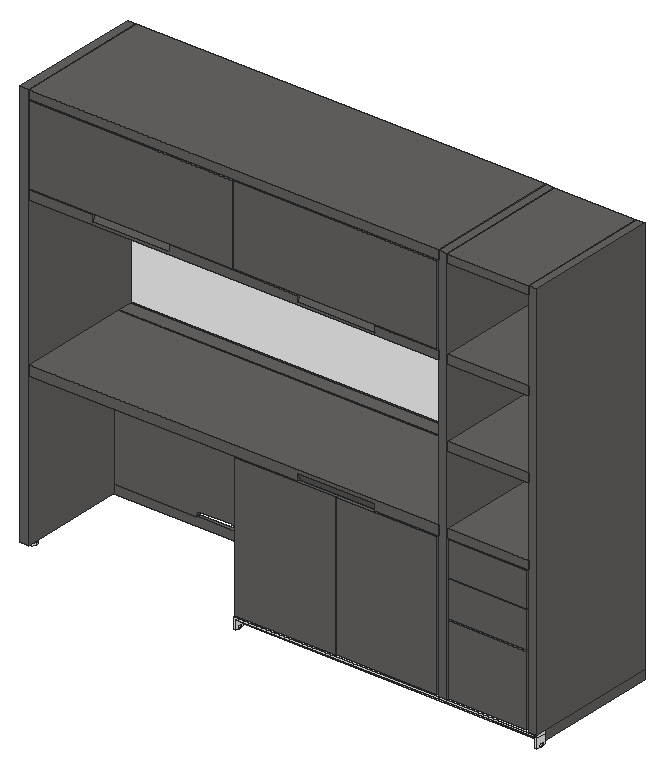
Revit family "Storage-Wall-Teknion-ZXRR_74_High_With_Lights-R2011", category Furniture Systems, Revit 2013
Parameters (values of type "(See Type Catalog)")
  Working Wall Finish [instance] = Glass - Teknion - K6 - White Backpainted
  Width = 92.642"
  Warranty = "http://www.teknionstudio.com/pdfs/Teknion%20Studio%20Warranty.pdf"
  Wall Unit Finish [instance] = Veneer - Teknion - P7 - Grey Oak
  Voltage = 120 V
  Unit Weight = 685.00 lbf
  URL = "www.teknionstudio.com"
  Tabletop Cutout Offset = if(Has Double Doors, 0", 4")  # 0"
  Storage Tower = Storage-Unit-Teknion-Tower : Upper Shelves & Box/Box/File Pedestal
  Series = "B&B Italia"
  Product Page URL = "http://www.teknionstudio.com/acexecutive/"
  Product Line = "AC Executive"
  Product Documentation Link = "http://www.teknionstudio.com/pricing/ac_executive_storage_walls_ppg.pdf"
  Power Factor = 1
  Part Number = "ZXRR"
  Number of Poles = 1
  Model = ""
  Manufacturer Phone = "919-464-2920"
  Manufacturer Fax = "919-464-2927"
  Manufacturer Email = "customersupport@teknionstudio.com"
  Manufacturer Address = "3940 US 70 Business HWY West, Clayton, NC 27520"
  Manufacturer = "Teknion Studio"  # constant formula
  Low Emitting Material = yes
  Low Emitting Finish = yes
  Height = 73.81394"
  Has File File Drawers = not(Has Double Doors)  # no
  Has Double Doors = yes
  Description = ""
  Depth = 24"
  Assembly Code = "E2020200"
  Apparent Load = 22.8 VA
Reference planes (in)
  plane 1 "Center F/B": y = 0
  plane 2: z = 0
  plane 3 "Center L/R": x = 0
  plane 4 "Left": x = -46.321
  plane 5 "Right": x = 46.321
  plane 6 "Back": y = 12
  plane 7 "Front": y = -12
  plane 8 "Top": z = 73.81394
  plane 9: x = 28.60446
  plane 10: z = 29.68402
  plane 11: z = 56.1289
  plane 12: x = -44.7815
  plane 13: z = 2.1289
  plane 14: x = -8.08858
  plane 15 "Foot Centerline": y = -11.2126
  plane 16 "Tabletop Cutout": y = -12
  plane 17 "Foot Centerline Front": y = -10.22835
  plane 18 "Foot Centerline Back": y = 10.22835
  plane 19: y = -8.484
Forms (in)
  Sweep 1, solid, material "Veneer - Teknion - P7 - Grey Oak" <- "Wall Unit Finish"
    path origin (0, 0, 15.40683) x (-1, 0, 0) y (0, -1, 0)
      loop
        line (0, -12) -> (0, 12)
    profile origin (0, 0, 15.40683) x (1, 0, 0) y (0, 0, 1)
      loop
        line (-46.321, -14.81732) -> (-44.7815, -14.81732) -> (-44.7815, 58.4071) -> (-46.321, 58.4071) -> (-46.321, -14.81732)
  Sweep 2, solid, material "Metal - Teknion - C6 - Chrome"
    path origin (0, 0, 0) x (1, 0, 0) y (0, 0, 1)
      loop
        line (28.60446, 2.1289) -> (-8.08858, 2.1289) -> (-8.08858, 0.05803)
    profile origin (10.25794, 0, 2.1289) x (0, 0, -1) y (0, -1, 0)
      loop
        line (0, 12) -> (0, 10.4252) -> (0.394, 10.4252) -> (0.394, 12) -> (0, 12)
  Sweep 3, solid, material "Metal - Teknion - C6 - Chrome"
    path origin (0, 0, 0) x (1, 0, 0) y (0, 0, 1)
      loop
        line (-8.08858, 2.1289) -> (28.60446, 2.1289)
    profile origin (10.25794, 0, 2.1289) x (0, 0, 1) y (0, -1, 0)
      loop
        line (-0.394, 10.6222) -> (-1.5748, 10.6222) -> (-1.5748, 10.4252) -> (-0.394, 10.4252) -> (-0.394, 10.6222)
  Revolve 4, solid, material "Metal - Teknion - C6 - Chrome"
    sketch origin (0, -11.2126, 0) x (0, 0, -1) y (1, 0, 0)
      loop
        line (-0.4911, -7.89158) -> (-0.4911, -8.22623) -> (-0.45173, -8.2656) -> (-0.28492, -8.2656) -> (-0.24555, -8.22623) -> (-0.20618, -8.2656) -> (-0.03937, -8.2656) -> (0, -8.22623) -> (0, -7.89158) -> (-0.4911, -7.89158)
      axis (0, -7.89158) -> (-0.4911, -7.89158)
    angle from 0 to 360
  Sweep 5, solid, material "Veneer - Teknion - P7 - Grey Oak" <- "Wall Unit Finish"
    path origin (0, 0, 0) x (1, 0, 0) y (0, 0, 1)
      loop
        line (-44.7815, 29.68402) -> (28.60446, 29.68402)
    profile origin (-8.08852, 0, 29.68402) x (0, 0, 1) y (0, -1, 0)
      loop
        line (0, 12) -> (-1.7638, 12) -> (-1.7638, -7.11393) -> (-5.30827, -7.11393) -> (-5.30827, -7.08268) -> (-27.55512, -7.08268) -> (-27.55512, -7.11393) -> (-29.0945, -7.11393) -> (-29.0945, -7.80668) -> (-5.30828, -7.80668) -> (-5.30828, -12) -> (44.12992, -12) -> (44.12992, 12) -> (42.59022, 12) -> (42.59022, 11.2126) -> (27.98392, 11.2126) -> (27.98392, 12) -> (26.44488, 12) -> (26.44488, -10.94094) -> (0, -10.94094) -> (0, -10.90969) -> (-0.72441, -10.90969) -> (-0.72441, -10.56693) -> (0, -10.56693) -> (0, -8.05709) -> (-0.72441, -8.05709) -> (-0.72441, -7.80709) -> (0, -7.80709) -> (0, 12)
  Sweep 6, solid, material "Veneer - Teknion - P7 - Grey Oak" <- "Wall Unit Finish"
    path origin (0, 0, 0) x (1, 0, 0) y (0, 0, 1)
      loop
        line (-8.08858, 29.68402) -> (28.60446, 29.68402)
    profile origin (10.25794, 0, 29.68402) x (0, 0, 1) y (0, -1, 0)
      loop
        line (-1.7638, 11.27559) -> (-27.55512, 11.27559) -> (-27.55512, 10.4252) -> (-29.0945, 10.4252) -> (-29.0945, -12) -> (-1.7638, -12) -> (-1.7638, 11.27559)
  Sweep 7, solid, material "Veneer - Teknion - P7 - Grey Oak" <- "Wall Unit Finish"
    path origin (0, 0, 15.40683) x (-1, 0, 0) y (0, -1, 0)
      loop
        line (0, 12) -> (0, 11.276)
    profile origin (0, -11.638, 15.40683) x (-1, 0, 0) y (0, 0, 1)
      loop
        line (44.5315, 42.5111) -> (44.5315, 56.6174) -> (8.21358, 56.6174) -> (8.21358, 42.5111) -> (44.5315, 42.5111)
      loop
        line (7.96358, 56.6174) -> (-28.35446, 56.6174) -> (-28.35446, 42.5111) -> (7.96358, 42.5111) -> (7.96358, 56.6174)
  Sweep 8, solid, material "Veneer - Teknion - P7 - Grey Oak" <- "Wall Unit Finish", visible <- "Has Double Doors"
    path origin (0, 0, 15.40683) x (-1, 0, 0) y (0, -1, 0)
      loop
        line (0, 12) -> (0, 11.276)
    profile origin (0, -11.638, 15.40683) x (-1, 0, 0) y (0, 0, 1)
      loop
        line (7.83845, 12.26339) -> (-10.15274, 12.26339) -> (-10.15274, -13.03482) -> (7.83845, -13.03482) -> (7.83845, 12.26339)
      loop
        line (-10.40274, 12.26339) -> (-28.35446, 12.26339) -> (-28.35446, -13.03482) -> (-10.40274, -13.03482) -> (-10.40274, 12.26339)
  Sweep 9, solid, material "Veneer - Teknion - P7 - Grey Oak" <- "Wall Unit Finish", visible <- "Has File File Drawers"
    path origin (0, 0, 15.40683) x (-1, 0, 0) y (0, -1, 0)
      loop
        line (0, 12) -> (0, 11.276)
    profile origin (0, -11.638, 15.40683) x (-1, 0, 0) y (0, 0, 1)
      loop
        line (7.83845, 12.26339) -> (-28.35446, 12.26339) -> (-28.35446, 0.01144) -> (7.83845, 0.01144) -> (7.83845, 12.26339)
      loop
        line (-28.35446, -0.77597) -> (-28.35446, -13.03482) -> (7.83845, -13.03482) -> (7.83845, -0.77597) -> (-28.35446, -0.77597)
  Sweep 10, void
    path origin (0, 0, 0) x (1, 0, 0) y (0, 0, 1)
      loop
        line (3.38793, 29.68402) -> (17.16746, 29.68402)
    profile origin (10.27769, 0, 29.68402) x (0, 0, 1) y (0, -1, 0)
      loop
        line (-1.7638, 12) -> (-1.7638, 11.52756) -> (-0.66143, 12) -> (-1.7638, 12)
  Sweep 11, void
    path origin (0, 0, 0) x (1, 0, 0) y (0, 0, 1)
      loop
        line (-33.3248, 56.1289) -> (-19.54528, 56.1289)
    profile origin (-26.43504, 0, 56.1289) x (0, 0, 1) y (0, -1, 0)
      loop
        line (1.53937, 12) -> (0.43699, 12) -> (1.53937, 11.52755) -> (1.53937, 12)
  Sweep 12, void
    path origin (0, 0, 0) x (1, 0, 0) y (0, 0, 1)
      loop
        line (3.36811, 56.1289) -> (17.14764, 56.1289)
    profile origin (10.25787, 0, 56.1289) x (0, 0, 1) y (0, -1, 0)
      loop
        line (1.53937, 11.52755) -> (1.53937, 12) -> (0.43699, 12) -> (1.53937, 11.52755)
  Sweep 13, void
    path origin (0, 0, 15.40683) x (-1, 0, 0) y (0, -1, 0)
      loop
        line (0, -7.80668) -> (0, -7.08268)
    profile origin (0, 7.44468, 15.40683) x (1, 0, 0) y (0, 0, 1)
      loop
        line (-23.00984, 8.96892) -> (-29.89961, 8.96892) -> (-29.89961, 8.10396)
        arc (-29.89961, 8.10396) -> (-29.66898, 7.54718) -> (-29.1122, 7.31655) r 0.7874
        line (-29.1122, 7.31655) -> (-23.79724, 7.31655)
        arc (-23.79724, 7.31655) -> (-23.24047, 7.54718) -> (-23.00984, 8.10396) r 0.7874
        line (-23.00984, 8.10396) -> (-23.00984, 8.96892)
      loop
        line (-29.89961, -13.27793) -> (-23.00984, -13.27793) -> (-23.00984, -13.12045)
        arc (-23.00984, -13.12045) -> (-23.22894, -12.59152) -> (-23.75787, -12.37242) r 0.74803
        line (-23.75787, -12.37242) -> (-29.15157, -12.37242)
        arc (-29.15157, -12.37242) -> (-29.68051, -12.59152) -> (-29.89961, -13.12045) r 0.74803
        line (-29.89961, -13.12045) -> (-29.89961, -13.27793)
  Revolve 14, solid, material "Metal - Teknion - C6 - Chrome"
    sketch origin (0, -10.22835, 0) x (0, 0, 1) y (1, 0, 0)
      loop
        line (0, -45.55118) -> (0, -46.28917) -> (0.23622, -46.28917) -> (0.23622, -45.83352) -> (0.58951, -45.83352) -> (0.58951, -45.55118) -> (0, -45.55118)
      axis (0, -45.55118) -> (0.58951, -45.55118)
    angle from 0 to 360
  Revolve 15, solid, material "Metal - Teknion - C6 - Chrome"
    sketch origin (0, 10.22835, 0) x (0, 0, 1) y (1, 0, 0)
      loop
        line (0, -45.55118) -> (0, -46.28917) -> (0.23622, -46.28917) -> (0.23622, -45.83352) -> (0.58951, -45.83352) -> (0.58951, -45.55118) -> (0, -45.55118)
      axis (0, -45.55118) -> (0.58951, -45.55118)
    angle from 0 to 360
Cuts and joins
  joined: Sweep 2, Sweep 3, Revolve 4
  Sweep 10, Sweep 11, Sweep 12, Sweep 13 cuts Sweep 5
  joined: Sweep 5, Sweep 6
Lines and regions (in)
  Masking region 1
    outline origin (0, 0, 15.40683) x (-1, 0, 0) y (0, -1, 0)
      loop
        line (46.321, -12) -> (46.321, 12) -> (-28.60446, 12) -> (-28.60446, -12) -> (46.321, -12)
  symbolic lines, style "Elevation Swing"
    curve 1: line (-44.7815, -12, 57.66827) -> (-26.43504, -12, 72.02424)
    curve 2: line (-8.08858, -12, 57.66832) -> (-26.43504, -12, 72.02424)
    curve 3: line (-8.08858, 0, 57.66832) -> (10.25794, 0, 72.19583)
    curve 4: line (10.25794, 0, 72.19583) -> (28.60446, 0, 57.66827)
  symbolic lines, detail levels medium+fine
    curve 5: line (-44.7815, 12, 15.40683) -> (-44.7815, -12, 15.40683)
  symbolic lines, style "FurnitureSystemsHiddenLines", detail levels fine
    curve 6: line (28.60446, -11.276, 15.40683) -> (-44.7815, -11.276, 15.40683)
    curve 7: line (-8.08858, 12, 15.40683) -> (-8.08858, -12, 15.40683)
  symbolic lines, style "Elevation Swing", visible <- "Has Double Doors"
    curve 8: line (10.15274, 0, 27.67022) -> (-7.83845, 0, 15.02111)
    curve 9: line (10.15274, 0, 2.37201) -> (-7.83845, 0, 15.02111)
    curve 10: line (10.40274, 0, 2.37201) -> (28.35446, 0, 15.02111)
    curve 11: line (28.35446, 0, 15.02111) -> (10.40274, 0, 27.67022)
  symbolic lines, visible <- "Has Double Doors"
    curve 12: arc (10.25794, -12, 15.40683) -> (15.63151, -24.97295, 15.40683) -> (28.60446, -30.34652, 15.40683) r 18.34652
    curve 13: arc (-8.08858, -30.34652, 15.40683) -> (4.88437, -24.97295, 15.40683) -> (10.25794, -12, 15.40683) r 18.34652
    curve 14: line (-8.08858, -12, 15.40683) -> (-8.08858, -30.34652, 15.40683)
    curve 15: line (28.60446, -12, 15.40683) -> (28.60446, -30.34652, 15.40683)
Dimensions and locks (in)
  equal spacing: plane 4 "Left", plane 3 "Center L/R", plane 5 "Right"
  "Width": plane 4 "Left" to plane 5 "Right"
  equal spacing: plane 6 "Back", plane 1 "Center F/B", plane 7 "Front"
  "Depth": plane 6 "Back" to plane 7 "Front"
  locked: plane 9 to plane 5 "Right" at 17.71654
  "Height": plane 8 "Top" to plane 2
  locked: plane 10 to plane 2 at 29.68402
  locked: plane 11 to plane 10 at 26.44488
  locked: plane 13 to plane 2 at 2.1289
  locked: Sweep 2 sketch curve to plane 2 at 0.05803
  locked: plane 13 to Sweep 3 sketch curve at 0.394
  locked: Sweep 3 sketch curve to Sweep 3 sketch curve at 1.1808
  plane 7 "Front" to Sweep 3 sketch curve to Sweep 3 sketch curve = 1.3778" locked, 0.197" locked
  locked: Revolve 4 sketch curve to plane 2 at 0.4911
  locked: plane 14 to Revolve 4 sketch curve at 0.17702  (x2)
  Revolve 4 sketch curve to Revolve 4 sketch curve to Revolve 4 sketch curve to Revolve 4 sketch curve to Revolve 4 sketch curve to plane 2 = 0.16681" locked, 0.03937" locked, 0.03937" locked, 0.16681" locked, 0.03937" locked
  locked: Revolve 4 sketch curve to plane 14 at 0.197
  locked: plane 7 "Front" to plane 15 "Foot Centerline" at 0.7874
  locked: plane 13 to Sweep 5 sketch curve at 1.53939
  locked: plane 10 to Sweep 5 sketch curve at 1.7638
  locked: Sweep 1 sketch curve to plane 2 at 0.58951
  Sweep 6 sketch curve to Sweep 6 sketch curve to plane 6 "Back" = 23.27559", 0"
  locked: plane 10 to Sweep 6 sketch curve at 1.7638
  locked: plane 7 "Front" to Sweep 6 sketch curve at 1.5748
  locked: plane 14 to plane 3 "Center L/R" at 8.08858
  locked: plane 7 "Front" to Sweep 7 sketch curve at 0.724
  plane 8 "Top" to Sweep 7 sketch curve to Sweep 7 sketch curve = 1.7897", 14.1063"  (x2)
  Sweep 7 sketch curve to plane 3 "Center L/R" to Sweep 7 sketch curve to Sweep 7 sketch curve to Sweep 7 sketch curve = 28.35446", 7.96358", 1/4", 36.31791"
  locked: plane 7 "Front" to Sweep 8 sketch curve at 0.724
  locked: plane 10 to Sweep 8 sketch curve at 2.0138  (x2)
  locked: Sweep 8 sketch curve to Sweep 8 sketch curve at 25.29821  (x2)
  Sweep 8 sketch curve to Sweep 8 sketch curve to Sweep 8 sketch curve to Sweep 8 sketch curve to plane 12 = 17.95173" locked, 1/4" locked, 17.99118" locked, 36.94305" locked
  locked: plane 7 "Front" to Sweep 9 sketch curve at 0.724
  plane 10 to Sweep 9 sketch curve to Sweep 9 sketch curve to Sweep 9 sketch curve to Sweep 9 sketch curve = 2.0138" locked, 12.25195" locked, 0.7874" locked, 12.25886" locked
  Sweep 9 sketch curve to Sweep 9 sketch curve to plane 14 = 36.19291" locked, 0.25013" locked  (x2)
  Sweep 10 sketch curve to Sweep 10 sketch curve to plane 14 = 13.77953" locked, 11.47651" locked
  locked: plane 10 to Sweep 10 sketch curve at 1.7638
  locked: plane 16 "Tabletop Cutout" to Sweep 10 sketch curve at 0.47244
  "Tabletop Cutout Offset": plane 16 "Tabletop Cutout" to plane 7 "Front"
  Sweep 11 sketch curve to Sweep 11 sketch curve to plane 4 "Left" = 13.77953" locked, 12.9962" locked
  locked: Sweep 11 sketch curve to plane 11 at 1.53937
  locked: Sweep 11 sketch curve to plane 11 at 0.43699
  locked: plane 7 "Front" to Sweep 11 sketch curve at 0.47245
  Sweep 12 sketch curve to Sweep 12 sketch curve to plane 11 = 1.10238" locked, 0.43699" locked
  locked: plane 7 "Front" to Sweep 12 sketch curve at 0.47245
  locked: Sweep 13 sketch curve to plane 13 at 0.90551
  plane 14 to Sweep 13 sketch curve to Sweep 13 sketch curve = 14.92126" locked, 6.88976" locked  (x2)
  plane 10 to Sweep 13 sketch curve to Sweep 13 sketch curve = 5.30827" locked, 1 167/256" locked
  plane 6 "Back" to Sweep 13 sketch curve to Sweep 13 sketch curve = 4.19332" locked, 0.724" locked
  locked: Revolve 14 sketch curve to plane 4 "Left" at 0.76982
  Revolve 14 sketch curve to Revolve 14 sketch curve to plane 2 = 0.35329" locked, 0.23622" locked
  locked: Revolve 14 sketch curve to plane 4 "Left" at 0.03183
  locked: Revolve 15 sketch curve to plane 4 "Left" at 0.76982
  Revolve 15 sketch curve to Revolve 15 sketch curve to plane 2 = 0.35329" locked, 0.23622" locked
  locked: Revolve 15 sketch curve to plane 4 "Left" at 0.03183
  equal spacing: plane 14, curve 2, plane 12
  equal spacing: plane 9, curve 4, plane 14
  locked: plane 7 "Front" to curve 6 at 0.724
  locked: plane 6 "Back" to plane 18 "Foot Centerline Back" at 1.77165
  locked: plane 7 "Front" to plane 17 "Foot Centerline Front" at 1.77165
  locked: plane 4 "Left" to plane 12 at 1.5395
  plane 12 to plane 14 = 36.69291"
  locked: plane 7 "Front" to plane 19 at 3.516
  locked: plane 13 to Sweep 2 sketch curve at 0.394
  locked: plane 7 "Front" to Sweep 2 sketch curve at 1.5748
  aligned and locked: level to plane 2
  aligned and locked: nested 1 to plane 5 "Right"
  aligned and locked: plane 6 "Back" to Sweep 1 sketch curve
  aligned and locked: plane 7 "Front" to Sweep 1 sketch curve
  aligned and locked: Sweep 1 sketch curve to plane 3 "Center L/R"
  aligned and locked: Sweep 1 sketch curve to plane 8 "Top"
  aligned and locked: plane 4 "Left" to Sweep 1 sketch curve  (x2)
  aligned and locked: Sweep 2 sketch curve to plane 13  (x2)
  aligned and locked: Sweep 3 sketch curve to plane 13
  aligned and locked: plane 2 to Revolve 4 sketch curve
  aligned and locked: Revolve 4 sketch curve to plane 2
  aligned and locked: plane 12 to Sweep 5 sketch curve
  aligned and locked: plane 9 to Sweep 5 sketch curve
  aligned and locked: Sweep 5 sketch curve to plane 10  (x4)
  aligned and locked: Sweep 5 sketch curve to plane 7 "Front"
  aligned and locked: plane 6 "Back" to Sweep 5 sketch curve
  aligned and locked: Sweep 6 sketch curve to plane 10
  aligned and locked: plane 13 to Sweep 6 sketch curve
  aligned and locked: plane 3 "Center L/R" to Sweep 7 sketch curve
  aligned and locked: plane 7 "Front" to Sweep 7 sketch curve
  aligned and locked: Sweep 5 sketch curve to plane 11
  aligned and locked: plane 3 "Center L/R" to Sweep 8 sketch curve
  aligned and locked: plane 7 "Front" to Sweep 8 sketch curve
  aligned and locked: plane 7 "Front" to Sweep 9 sketch curve
  aligned and locked: plane 3 "Center L/R" to Sweep 9 sketch curve
  aligned and locked: Sweep 10 sketch curve to plane 10
  aligned and locked: plane 16 "Tabletop Cutout" to Sweep 10 sketch curve
  aligned and locked: Sweep 11 sketch curve to plane 11
  aligned and locked: Sweep 12 sketch curve to plane 11
  aligned and locked: Sweep 12 sketch curve to plane 7 "Front"
  aligned and locked: Sweep 13 sketch curve to plane 3 "Center L/R"
  aligned and locked: Sweep 13 sketch curve to plane 13
  aligned and locked: plane 2 to Revolve 14 sketch curve
  aligned and locked: Revolve 15 sketch curve to plane 2
  aligned and locked: plane 12 to curve 1
  aligned and locked: plane 14 to curve 2
  aligned and locked: Sweep 7 to curve 2
  aligned and locked: plane 9 to curve 4
  aligned and locked: plane 14 to curve 3
  aligned and locked: plane 6 "Back" to curve 5
  aligned and locked: plane 7 "Front" to curve 5
  aligned and locked: plane 9 to curve 6
  aligned and locked: plane 6 "Back" to curve 7
  aligned and locked: plane 7 "Front" to curve 7
  aligned and locked: plane 7 "Front" to Sweep 11 sketch curve
  aligned and locked: Sweep 5 sketch curve to plane 8 "Top"
  aligned and locked: plane 15 "Foot Centerline" to Sweep 5 sketch curve
  aligned and locked: plane 7 "Front" to Sweep 5 sketch curve  (x2)
  aligned and locked: plane 2 to nested 1
  aligned and locked: plane 1 "Center F/B" to nested 1
  aligned: plane 11 to nested 2
  aligned: plane 14 to nested 2
  aligned and locked: nested 2 to plane 19
  aligned and locked: plane 11 to nested 2
  aligned and locked: plane 14 to nested 2
  aligned and locked: plane 9 to Sweep 6 sketch curve
  aligned and locked: plane 14 to Sweep 6 sketch curve
  aligned and locked: plane 9 to Sweep 2 sketch curve
  aligned and locked: plane 14 to Sweep 3 sketch curve
  aligned and locked: plane 9 to Sweep 3 sketch curve
  aligned and locked: curve 7 to curve 14
  aligned and locked: curve 15 to plane 9
  aligned and locked: plane 7 "Front" to curve 15
  aligned and locked: plane 7 "Front" to curve 12
  aligned and locked: Sweep 2 sketch curve to plane 7 "Front"
  aligned and locked: plane 4 "Left" to Masking region 1 sketch curve
  aligned and locked: Masking region 1 sketch curve to plane 6 "Back"
  aligned and locked: Masking region 1 sketch curve to plane 9
  aligned and locked: Masking region 1 sketch curve to plane 7 "Front"
Automatic sketch dimensions
  Sweep 1 sketch curve to Sweep 1 sketch curve = 1.5395"
  Sweep 2 sketch curve to plane 3 "Center L/R" = 8.08858"
  Sweep 6 sketch curve to Sweep 6 sketch curve = 1.53939"
  profile plane to Sweep 10 sketch curve = 0.66143"
  plane 3 "Center L/R" to Sweep 12 sketch curve = 3.36811"
  Sweep 12 sketch curve to plane 9 = 11.45683"
  Sweep 13 sketch curve to Sweep 13 sketch curve = 0.7874"  (x2)
  Sweep 13 sketch curve to Sweep 13 sketch curve = 0.15748"  (x2)
  Revolve 14 sketch curve to level = 0"
  Revolve 14 sketch curve to Revolve 14 sketch curve = 0"  (x2)
  Revolve 14 sketch curve to Revolve 14 sketch curve = 0.28234"
  Revolve 15 sketch curve to level = 0"
  Revolve 15 sketch curve to Revolve 15 sketch curve = 0"  (x2)
  Revolve 15 sketch curve to Revolve 15 sketch curve = 0.28234"
  plane 11 to curve 2 = 1.53942"
  plane 11 to curve 1 = 1.53937"
  Sweep 5 sketch curve to Sweep 5 sketch curve = 1.53939"
  profile plane to Sweep 5 sketch curve = 5.30828"
  Sweep 5 sketch curve to Sweep 5 sketch curve = 0"
  Sweep 5 sketch curve to Sweep 5 sketch curve = 0.72441"  (x2)
  Sweep 5 sketch curve to Sweep 5 sketch curve = 1.5397"
  Sweep 5 sketch curve to Sweep 5 sketch curve = 1.05906"
  Sweep 5 sketch curve to Sweep 5 sketch curve = 1/32"  (x2)
  Sweep 5 sketch curve to Sweep 5 sketch curve = 0.34277"
  Sweep 5 sketch curve to Sweep 5 sketch curve = 2.50984"
  Sweep 5 sketch curve to Sweep 5 sketch curve = 1/4"
  Sweep 5 sketch curve to plane 1 "Center F/B" = 7.80668"
  Sweep 5 sketch curve to Sweep 5 sketch curve = 0.69316"
  Sweep 5 sketch curve to Sweep 5 sketch curve = 0.69275"
  Sweep 5 sketch curve to Sweep 5 sketch curve = 1.53904"
  plane 14 to curve 8 = 0.25013"
  plane 13 to curve 9 = 0.24311"
  plane 3 "Center L/R" to curve 9 = 10.15274"
  curve 8 to plane 10 = 2.0138"
  plane 3 "Center L/R" to curve 8 = 10.15274"
  plane 13 to curve 10 = 0.24311"
  curve 9 to curve 10 = 1/4"
  curve 11 to plane 10 = 2.0138"
  curve 8 to curve 11 = 1/4"
  curve 11 to plane 9 = 1/4"
  plane 13 to curve 10 = 12.89222"
  plane 13 to curve 9 = 12.89222"
  plane 11 to curve 4 = 1.53937"
  plane 11 to curve 3 = 1.53942"
  curve 3 to plane 8 "Top" = 1.61811"
  Revolve 4 sketch curve to Revolve 4 sketch curve = 0"  (x2)
  Revolve 4 sketch curve to Revolve 4 sketch curve = 0.03937"  (x2)
  curve 13 to plane 14 = 0"
  curve 5 to plane 12 = 0"
  plane 3 "Center L/R" to curve 12 = 10.25794"
  curve 13 to curve 12 = 0"
  Sweep 2 sketch curve to Sweep 2 sketch curve = 1.5748"
Nested families (in)
  nested 1: "Storage-Unit-Teknion-Tower" at (37.46273, 0, 0), Height <- "Height", type <- "Storage Tower", type "Upper Shelves & Box/Box/File Pedestal"
    with Height 73.81394", Has Top Shelf no, Bottom Drawer Height 13.047"
  nested 2: "Lighting-Teknion-Storage_Wall" at (-8.08858, 0.12401, 56.1289), type "Lighting-Teknion-Storage_Wall"
Connectors (in)
  electrical at (-8.08854, 12, 32.92639), driven by "Number of Poles", driven by "Voltage", driven by "Apparent Load", driven by "Power Factor"
    settings: on cut or joined group of Sweep 5, Sweep 6, Sweep 10, Sweep 11, Sweep 12, Sweep 13, index 1, voltage 120 V, apparent load 0 VA, apparent load phase1 22.8 VA, apparent load phase2 0 VA, apparent load phase3 0 VA, power factor 1, load classification "Other", number of poles 1, system type 31, power factor state 1, is connector primary yes, connector utility no, sub classification motor no, connector description "Electrical Connector"
Definition of nested family "Storage-Unit-Teknion-Tower"
  Parameters (values of type "Upper Wardrobe & Lower Door")
    Width = 17.71654"
    Warranty = "http://www.teknionstudio.com/pdfs/Teknion%20Studio%20Warranty.pdf"
    Wall Unit Finish = Veneer - Teknion - P8 - Light Brushed Oak
    URL = "www.teknionstudio.com"
    Series = "B&B Italia"
    Product Line = "AC Executive"
    Model = ""
    Middle Drawer Height = if(Has Top Drawer, 6.425", 12.719")  # 12.719"
    Manufacturer Phone = "919-464-2920"
    Manufacturer Fax = "919-464-2927"
    Manufacturer Email = "customersupport@teknionstudio.com"
    Manufacturer Address = "3940 US 70 Business HWY West, Clayton, NC 27520"
    Manufacturer = "Teknion Studio"  # constant formula
    Height [instance] = 73.81394"
    Has Top Shelf [instance] = and(Height > 75", Has Shelves)  # no
    Has Top Drawer = no
    Has Top Door = yes
    Has Shelves = no
    Has Right Leg = yes
    Has Middle Drawer = no
    Has Lower Shelf = yes
    Has Left Leg = no
    Has Full Wardrobe Door = no
    Has Doors = yes
    Door Projection Symbol = yes
    Description = "Tower Storage Unit"
    Depth = 24"
    Bottom Drawer Height [instance] = if(Has Middle Drawer, 13.047", if(Has Top Drawer, 13.047", if(Has Full Wardrobe Door, (Height - 3.668"), 26.016")))  # 26.016"
    Assembly Code = "E2010200"
  Types (7): name | Wall Unit Finish | Series | Product Line | Middle Drawer Height | Has Top Drawer | Has Top Door | Has Shelves | Has Middle Drawer | Has Lower Shelf | Has Full Wardrobe Door | Has Doors | Door Projection Symbol | Bottom Drawer Height
    Upper Shelves & Lower Door | none | "AC Executive" | "" | 12.719" | no | no | yes | no | yes | no | yes | yes | 26.016"
    Upper Shelves & File/File Pedestal | none | "AC Executive" | "" | 12.719" | no | no | yes | yes | yes | no | no | no | 13.047"
    Upper Shelves & Box/Box/File Pedestal | Veneer - Teknion - P8 - Light Brushed Oak | "AC Executive" | "" | 6.425" | yes | no | yes | yes | yes | yes | no | no | 13.047"
    Full Wardrobe | none | "AC Executive" | "" | 12.719" | no | no | no | no | no | yes | yes | yes | 70.14594"
    Upper Wardrobe & Lower Door | Veneer - Teknion - P8 - Light Brushed Oak | "B&B Italia" | "AC Executive" | 12.719" | no | yes | no | no | yes | no | yes | yes | 26.016"
    Upper Wardrobe & File/File Pedestal | none | "AC Executive" | "" | 12.719" | no | yes | no | yes | yes | no | no | yes | 13.047"
    Upper Wardrobe & Box/Box/File Pedestal | none | "AC Executive" | "" | 6.425" | yes | yes | no | yes | yes | no | no | yes | 13.047"
  Reference planes (in)
    plane 1 "Center F/B": y = 0
    plane 2: z = 0
    plane 3 "Center L/R": x = 0
    plane 4 "Left": x = -8.85827
    plane 5 "Right": x = 8.85827
    plane 6 "Back": y = 12
    plane 7 "Front": y = -12
    plane 8 "Top": z = 73.81394
    plane 9: x = -7.3189
    plane 10: x = 7.3189
    plane 11: z = 2.1289
    plane 12 "Foot Centerline": y = -11.2126
    plane 13: z = 29.68402
    plane 14 "Drawer 1 Top": z = 28.1449
    plane 15 "Drawer 2 Top": z = 40.8639
    plane 16 "Drawer 3 Top": z = 27.89502
    plane 17: z = 42.13677
  Forms (in)
    Sweep 1, solid, material "Metal - Teknion - C6 - Chrome", visible <- "Has Left Leg"
      path origin (0, -12, 0) x (1, 0, 0) y (0, 0, 1)
        loop
          line (-8.85827, 1.7349) -> (-8.85827, 0.05803)
      profile origin (-8.85827, -12, 0.89646) x (0, -1, 0) y (1, 0, 0)
        loop
          line (-1.5748, 0) -> (0, 0) -> (0, 0.394) -> (-1.5748, 0.394) -> (-1.5748, 0)
    Sweep 2, solid, material "Metal - Teknion - C6 - Chrome"
      path origin (0, -12, 0) x (1, 0, 0) y (0, 0, 1)
        loop
          line (-8.85827, 2.1289) -> (8.46427, 2.1289)
      profile origin (-0.197, -12, 2.1289) x (0, 0, 1) y (0, -1, 0)
        loop
          line (-0.394, -1.5748) -> (-0.394, -1.3778) -> (-1.575, -1.3778) -> (-1.575, -1.5748) -> (-0.394, -1.5748)
    Revolve 3, solid, material "Metal - Teknion - C6 - Chrome"
      sketch origin (0, -11.2126, 0) x (0, 0, -1) y (1, 0, 0)
        loop
          line (-0.4911, 8.32677) -> (-0.45173, 8.2874) -> (-0.28492, 8.2874) -> (-0.24555, 8.32677) -> (-0.20618, 8.2874) -> (-0.03937, 8.2874) -> (0, 8.32677) -> (0, 8.66142) -> (-0.4911, 8.66142) -> (-0.4911, 8.32677)
        axis (0, 8.66142) -> (-0.4911, 8.66142)
      angle from 0 to 360
    Revolve 4, solid, material "Metal - Teknion - C6 - Chrome", visible <- "Has Left Leg"
      sketch origin (0, -11.2126, 0) x (0, 0, -1) y (1, 0, 0)
        loop
          line (0, -8.99606) -> (0, -8.66142) -> (-0.4911, -8.66142) -> (-0.4911, -8.99606) -> (-0.45173, -9.03543) -> (-0.28492, -9.03543) -> (-0.24555, -8.99606) -> (-0.20618, -9.03543) -> (-0.03937, -9.03543) -> (0, -8.99606)
        axis (0, -8.66142) -> (-0.4911, -8.66142)
      angle from 0 to 360
    Sweep 5, solid, material "Veneer - Teknion - P8 - Light Brushed Oak" <- "Wall Unit Finish"
      path origin (0, 0, 0) x (1, 0, 0) y (0, 0, 1)
        loop
          line (0, 2.1289) -> (0, 73.81394)
      profile origin (0, 0, 37.97142) x (-1, 0, 0) y (0, -1, 0)
        loop
          line (8.85827, -12) -> (8.85827, 12) -> (7.3189, 12) -> (7.3189, -12) -> (8.85827, -12)
        loop
          line (-7.3189, 12) -> (-8.85827, 12) -> (-8.85827, -12) -> (-7.3189, -12) -> (-7.3189, 12)
    Sweep 6, solid, material "Veneer - Teknion - P8 - Light Brushed Oak" <- "Wall Unit Finish"
      path origin (0, 0, 15.40683) x (-1, 0, 0) y (0, -1, 0)
        loop
          line (0, -12) -> (0, 12)
      profile origin (0, 0, 15.40683) x (1, 0, 0) y (0, 0, 1)
        loop
          line (-7.3189, 58.4071) -> (-7.3189, 56.86773) -> (7.3189, 56.86773) -> (7.3189, 58.4071) -> (-7.3189, 58.4071)
    Sweep 7, solid, material "Veneer - Teknion - P8 - Light Brushed Oak" <- "Wall Unit Finish"
      path origin (0, -12, 0) x (1, 0, 0) y (0, 0, 1)
        loop
          line (0, 2.1289) -> (0, 72.27457)
      profile origin (0, -12, 37.20173) x (-1, 0, 0) y (0, -1, 0)
        loop
          line (7.3189, -24) -> (7.3189, -23.25) -> (-7.3189, -23.25) -> (-7.3189, -24) -> (7.3189, -24)
    Sweep 8, solid, material "Veneer - Teknion - P8 - Light Brushed Oak" <- "Wall Unit Finish", visible <- "Has Lower Shelf"
      path origin (0, -12, 0) x (1, 0, 0) y (0, 0, 1)
        loop
          line (-7.3189, 29.68402) -> (7.3189, 29.68402)
      profile origin (0, -12, 29.68402) x (0, 0, 1) y (0, -1, 0)
        loop
          line (0, 0) -> (-1.539, 0) -> (-1.539, -0.724) -> (-27.55512, -0.724) -> (-27.55512, -23.25) -> (0, -23.25) -> (0, 0)
    Sweep 9, solid, material "Veneer - Teknion - P8 - Light Brushed Oak" <- "Wall Unit Finish"
      path origin (0, -12, 0) x (1, 0, 0) y (0, 0, 1)
        loop
          line (0, 2.3789) -> (0, 27.8949)
      profile origin (0, -12, 15.1369) x (-1, 0, 0) y (0, -1, 0)
        loop
          line (7.0689, -0.724) -> (7.0689, 0) -> (-7.0689, 0) -> (-7.0689, -0.724) -> (7.0689, -0.724)
    Sweep 10, solid, material "Veneer - Teknion - P8 - Light Brushed Oak" <- "Wall Unit Finish", visible <- "Has Middle Drawer"
      path origin (0, -12, 0) x (1, 0, 0) y (0, 0, 1)
        loop
          line (0, 28.1449) -> (0, 40.8639)
      profile origin (0, -12, 34.5044) x (-1, 0, 0) y (0, -1, 0)
        loop
          line (7.0689, -0.724) -> (7.0689, 0) -> (-7.0689, 0) -> (-7.0689, -0.724) -> (7.0689, -0.724)
    Sweep 11, solid, material "Veneer - Teknion - P8 - Light Brushed Oak" <- "Wall Unit Finish", visible <- "Has Top Drawer"
      path origin (0, -12, 0) x (1, 0, 0) y (0, 0, 1)
        loop
          line (0, 47.15802) -> (0, 41.1139)
      profile origin (0, -12, 44.13596) x (0, -1, 0) y (1, 0, 0)
        loop
          line (0, 7.0689) -> (-0.724, 7.0689) -> (-0.724, -7.0689) -> (0, -7.0689) -> (0, 7.0689)
    Sweep 12, solid, material "Veneer - Teknion - P8 - Light Brushed Oak" <- "Wall Unit Finish", visible <- "Has Shelves"
      path origin (0, -12, 0) x (1, 0, 0) y (0, 0, 1)
        loop
          line (0, 42.13677) -> (0, 43.67614)
      profile origin (0, -12, 42.90646) x (-1, 0, 0) y (0, -1, 0)
        loop
          line (7.3189, -23.25) -> (7.3189, 0) -> (-7.3189, 0) -> (-7.3189, -23.25) -> (7.3189, -23.25)
    Sweep 13, solid, material "Veneer - Teknion - P8 - Light Brushed Oak" <- "Wall Unit Finish", visible <- "Has Shelves"
      path origin (0, -12, 13.9918) x (1, 0, 0) y (0, 0, 1)
        loop
          line (0, 42.13677) -> (0, 43.67614)
      profile origin (0, -12, 56.89825) x (-1, 0, 0) y (0, -1, 0)
        loop
          line (7.3189, -23.25) -> (7.3189, 0) -> (-7.3189, 0) -> (-7.3189, -23.25) -> (7.3189, -23.25)
    Sweep 14, solid, material "Veneer - Teknion - P8 - Light Brushed Oak" <- "Wall Unit Finish", visible <- "Has Top Door"
      path origin (0, -12, 0) x (1, 0, 0) y (0, 0, 1)
        loop
          line (0, 29.93402) -> (0, 72.02457)
      profile origin (0, -12, 50.97929) x (-1, 0, 0) y (0, -1, 0)
        loop
          line (7.0689, -0.724) -> (7.0689, 0) -> (-7.0689, 0) -> (-7.0689, -0.724) -> (7.0689, -0.724)
    Sweep 15, solid, material "Veneer - Teknion - P8 - Light Brushed Oak" <- "Wall Unit Finish"
      path origin (0, -12, 0) x (1, 0, 0) y (0, 0, 1)
        loop
          line (-8.85827, 2.1289) -> (8.85827, 2.1289)
      profile origin (0, -12, 2.1289) x (0, 0, 1) y (0, -1, 0)
        loop
          line (0, -1.5748) -> (-1.53937, -1.5748) -> (-1.53937, -24) -> (0, -24) -> (0, -1.5748)
    Sweep 16, solid, material "Veneer - Teknion - P8 - Light Brushed Oak" <- "Wall Unit Finish", visible <- "Has Top Shelf"
      path origin (0, 0, 0) x (1, 0, 0) y (0, 0, 1)
        loop
          line (0, 73.81394) -> (0, 72.27457)
      profile origin (0, 0, 73.04425) x (0, -1, 0) y (1, 0, 0)
        loop
          line (-11.25, -7.3189) -> (12, -7.3189) -> (12, 7.3189) -> (-11.25, 7.3189) -> (-11.25, -7.3189)
    Sweep 17, solid, material "Metal - Teknion - C6 - Chrome"
      path origin (0, 0, 0) x (1, 0, 0) y (0, 0, 1)
        loop
          line (-8.85827, 2.1289) -> (8.85827, 2.1289)
      profile origin (0, 0, 2.1289) x (0, 0, 1) y (0, -1, 0)
        loop
          line (0, 10.4252) -> (0, 12) -> (-0.394, 12) -> (-0.394, 10.4252) -> (0, 10.4252)
    Sweep 18, solid, material "Metal - Teknion - C6 - Chrome"
      path origin (0, 0, 0) x (1, 0, 0) y (0, 0, 1)
        loop
          line (8.85827, 1.7349) -> (8.85827, 0.05803)
      profile origin (8.85827, 0, 0.89646) x (0, -1, 0) y (1, 0, 0)
        loop
          line (10.4252, -0.394) -> (12, -0.394) -> (12, 0) -> (10.4252, 0) -> (10.4252, -0.394)
  Lines and regions (in)
    Masking region 1
      outline origin (0, 0, 15.40683) x (-1, 0, 0) y (0, -1, 0)
        loop
          line (8.85827, -12) -> (8.85827, 12) -> (-8.85827, 12) -> (-8.85827, -12) -> (8.85827, -12)
    symbolic lines, style "FurnitureSystems", detail levels medium+fine
      curve 1: line (-7.3189, 12, 15.40683) -> (-7.3189, -12, 15.40683)
      curve 2: line (7.3189, 12, 15.40683) -> (7.3189, -12, 15.40683)
    symbolic lines, style "FurnitureSystemsHiddenLines", detail levels fine
      curve 3: line (-7.3189, -11.276, 15.40683) -> (7.3189, -11.276, 15.40683)
    symbolic lines, style "Elevation Swing", visible <- "Has Doors"
      curve 4: line (-7.3189, -12, 2.1289) -> (7.3189, -12, 15.1369)
      curve 5: line (7.3189, -12, 15.1369) -> (-7.3189, -12, 28.1449)
    symbolic lines, style "Elevation Swing", visible <- "Has Top Door"
      curve 6: line (-7.3189, -12, 29.68402) -> (7.3189, -12, 50.97929)
      curve 7: line (7.3189, -12, 50.97929) -> (-7.3189, -12, 72.27457)
    symbolic lines, style "FurnitureSystems", visible <- "Door Projection Symbol"
      curve 8: arc (-7.3189, -12, 0) -> (-3.03159, -22.35048, 0) -> (7.3189, -26.6378, 0) r 14.6378
    symbolic lines, visible <- "Door Projection Symbol"
      curve 9: line (7.3189, -12, 15.40683) -> (7.3189, -26.6378, 15.40683)
  Dimensions and locks (in)
    equal spacing: plane 4 "Left", plane 3 "Center L/R", plane 5 "Right"
    "Width": plane 4 "Left" to plane 5 "Right"
    equal spacing: plane 6 "Back", plane 1 "Center F/B", plane 7 "Front"
    "Depth": plane 6 "Back" to plane 7 "Front"
    locked: plane 4 "Left" to plane 9 at 1.53937
    locked: plane 10 to plane 5 "Right" at 1.53937
    "Height": plane 8 "Top" to level
    locked: Sweep 1 sketch curve to level at 0.05803
    locked: plane 11 to plane 2 at 2.1289
    plane 11 to Sweep 2 sketch curve to Sweep 2 sketch curve = 0.394" locked, 1.181" locked
    plane 7 "Front" to Sweep 2 sketch curve to Sweep 2 sketch curve = 1.3778" locked, 0.197" locked
    locked: Revolve 3 sketch curve to plane 2 at 0.4911  (x2)
    locked: plane 5 "Right" to Revolve 3 sketch curve at 0.57087
    locked: plane 7 "Front" to plane 12 "Foot Centerline" at 0.7874
    Revolve 3 sketch curve to Revolve 3 sketch curve to Revolve 3 sketch curve to Revolve 3 sketch curve to plane 2 = 0.16681" locked, 0.07874" locked, 0.16681" locked, 0.03937" locked
    locked: Revolve 4 sketch curve to plane 2 at 0.4911  (x2)
    locked: Revolve 4 sketch curve to Revolve 4 sketch curve at 0.37402
    Revolve 4 sketch curve to Revolve 4 sketch curve to Revolve 4 sketch curve to Revolve 4 sketch curve to plane 2 = 0.16681" locked, 0.07874" locked, 0.16681" locked, 0.03937" locked
    locked: Revolve 4 sketch curve to plane 4 "Left" at 0.19685
    locked: plane 8 "Top" to Sweep 6 sketch curve at 1.53937
    locked: plane 8 "Top" to Sweep 7 sketch curve at 1.53937
    locked: plane 6 "Back" to Sweep 7 sketch curve at 0.75
    locked: plane 13 to plane 2 at 29.68402
    locked: plane 7 "Front" to Sweep 8 sketch curve at 0.724
    locked: plane 13 to Sweep 8 sketch curve at 1.539
    locked: plane 13 to plane 16 "Drawer 3 Top" at 1.789
    "Bottom Drawer Height": plane 14 "Drawer 1 Top" to plane 11
    "Middle Drawer Height": plane 15 "Drawer 2 Top" to plane 14 "Drawer 1 Top"
    locked: plane 14 "Drawer 1 Top" to Sweep 9 sketch curve at 0.25
    locked: plane 7 "Front" to Sweep 9 sketch curve at 0.724
    locked: Sweep 10 sketch curve to plane 12 "Foot Centerline" at 0.0634
    locked: plane 7 "Front" to Sweep 11 sketch curve at 0.724
    locked: plane 17 to plane 13 at 12.45276
    group 1 to group 2 = 0"  (x2)
    group 1 to group 2 = 13.9918"
    locked: Sweep 13 to plane 17 at 13.9918
    locked: plane 8 "Top" to Sweep 14 sketch curve at 1.78937
    locked: Sweep 14 sketch curve to plane 13 at 0.25
    locked: plane 7 "Front" to Sweep 14 sketch curve at 0.724
    locked: plane 11 to Sweep 15 sketch curve at 1.53937
    locked: plane 7 "Front" to Sweep 15 sketch curve at 1.5748
    equal spacing: Sweep 6, curve 7, plane 13
    equal spacing: plane 14 "Drawer 1 Top", curve 5, plane 11
    locked: plane 6 "Back" to Sweep 16 sketch curve at 0.75
    Sweep 16 sketch curve to Sweep 16 sketch curve to plane 2 = 1.53937" locked, 72.27457" locked
    locked: Sweep 9 sketch curve to plane 11 at 0.25
    locked: plane 9 to Sweep 9 sketch curve at 0.25
    locked: Sweep 9 sketch curve to plane 10 at 0.25
    locked: Sweep 11 sketch curve to plane 15 "Drawer 2 Top" at 0.25
    locked: plane 9 to Sweep 11 sketch curve at 0.25
    locked: Sweep 11 sketch curve to plane 10 at 0.25
    locked: Sweep 10 sketch curve to plane 10 at 0.25
    locked: plane 9 to Sweep 10 sketch curve at 0.25
    locked: Sweep 11 sketch curve to Sweep 11 sketch curve at 6.04412
    locked: Sweep 14 sketch curve to plane 10 at 0.25
    locked: plane 9 to Sweep 14 sketch curve at 0.25
    locked: plane 4 "Left" to Sweep 1 sketch curve at 0.394
    locked: plane 7 "Front" to Sweep 1 sketch curve at 1.5748
    locked: plane 11 to Sweep 1 sketch curve at 0.394
    locked: Sweep 17 sketch curve to plane 7 "Front" at 1.5748
    locked: plane 11 to Sweep 17 sketch curve at 0.394
    locked: Sweep 18 sketch curve to plane 2 at 0.05803
    locked: Sweep 18 sketch curve to plane 5 "Right" at 0.394
    locked: plane 7 "Front" to Sweep 18 sketch curve at 1.5748
    locked: plane 11 to Sweep 18 sketch curve at 0.394
    locked: plane 5 "Right" to Sweep 2 sketch curve at 0.394
    aligned and locked: level to plane 2
    aligned and locked: Sweep 1 sketch curve to plane 4 "Left"
    aligned and locked: Sweep 2 sketch curve to plane 11
    aligned and locked: plane 2 to Revolve 3 sketch curve
    aligned and locked: Revolve 3 sketch curve to plane 2
    aligned and locked: plane 2 to Revolve 4 sketch curve
    aligned and locked: Revolve 4 sketch curve to plane 2
    aligned and locked: plane 8 "Top" to Sweep 5 sketch curve
    aligned and locked: plane 11 to Sweep 5 sketch curve
    aligned and locked: plane 3 "Center L/R" to Sweep 5 sketch curve
    aligned and locked: Sweep 5 sketch curve to plane 6 "Back"
    aligned and locked: plane 6 "Back" to Sweep 5 sketch curve
    aligned and locked: Sweep 5 sketch curve to plane 10
    aligned and locked: plane 5 "Right" to Sweep 5 sketch curve
    aligned and locked: Sweep 5 sketch curve to plane 9
    aligned and locked: plane 4 "Left" to Sweep 5 sketch curve
    aligned and locked: Sweep 5 sketch curve to plane 7 "Front"
    aligned and locked: plane 7 "Front" to Sweep 5 sketch curve
    aligned and locked: plane 6 "Back" to Sweep 6 sketch curve
    aligned and locked: plane 7 "Front" to Sweep 6 sketch curve
    aligned and locked: Sweep 6 sketch curve to plane 3 "Center L/R"
    aligned and locked: plane 9 to Sweep 6 sketch curve
    aligned and locked: Sweep 6 sketch curve to plane 8 "Top"
    aligned and locked: Sweep 6 sketch curve to plane 10
    aligned and locked: plane 11 to Sweep 7 sketch curve
    aligned and locked: plane 3 "Center L/R" to Sweep 7 sketch curve
    aligned and locked: plane 9 to Sweep 7 sketch curve
    aligned and locked: Sweep 7 sketch curve to plane 10
    aligned and locked: Sweep 7 sketch curve to plane 6 "Back"
    aligned and locked: plane 9 to Sweep 8 sketch curve
    aligned and locked: plane 10 to Sweep 8 sketch curve
    aligned and locked: Sweep 8 sketch curve to plane 13  (x2)
    aligned and locked: plane 7 "Front" to Sweep 8 sketch curve
    aligned and locked: Sweep 8 sketch curve to plane 11
    aligned and locked: plane 3 "Center L/R" to Sweep 9 sketch curve
    aligned and locked: Sweep 9 sketch curve to plane 7 "Front"
    aligned and locked: plane 15 "Drawer 2 Top" to Sweep 10 sketch curve
    aligned and locked: plane 14 "Drawer 1 Top" to Sweep 10 sketch curve
    aligned and locked: plane 3 "Center L/R" to Sweep 10 sketch curve
    aligned and locked: plane 7 "Front" to Sweep 10 sketch curve
    aligned and locked: Sweep 11 sketch curve to plane 3 "Center L/R"
    aligned and locked: Sweep 11 sketch curve to plane 7 "Front"
    aligned and locked: Sweep 13 to plane 9
    aligned and locked: plane 3 "Center L/R" to Sweep 14 sketch curve
    aligned and locked: Sweep 14 sketch curve to plane 7 "Front"
    aligned and locked: plane 4 "Left" to Sweep 15 sketch curve
    aligned and locked: plane 5 "Right" to Sweep 15 sketch curve
    aligned and locked: Sweep 15 sketch curve to plane 11  (x2)
    aligned and locked: Sweep 15 sketch curve to plane 6 "Back"
    aligned and locked: plane 4 "Left" to Masking region 1 sketch curve
    aligned and locked: Masking region 1 sketch curve to plane 6 "Back"
    aligned and locked: Masking region 1 sketch curve to plane 5 "Right"
    aligned and locked: Masking region 1 sketch curve to plane 7 "Front"
    aligned and locked: plane 6 "Back" to curve 1
    aligned and locked: curve 1 to plane 9
    aligned and locked: plane 7 "Front" to curve 2
    aligned and locked: plane 6 "Back" to curve 2
    aligned and locked: curve 2 to plane 10
    aligned and locked: plane 9 to curve 3
    aligned and locked: plane 10 to curve 3
    aligned and locked: curve 3 to Sweep 14
    aligned and locked: plane 11 to curve 4
    aligned and locked: plane 9 to curve 4
    aligned and locked: plane 10 to curve 5
    aligned and locked: plane 9 to curve 5
    aligned and locked: plane 14 "Drawer 1 Top" to curve 5
    aligned and locked: plane 13 to curve 6
    aligned and locked: plane 9 to curve 6
    aligned and locked: plane 9 to curve 7
    aligned and locked: curve 7 to Sweep 6
    aligned and locked: plane 7 "Front" to curve 8
    aligned and locked: curve 8 to plane 10
    aligned and locked: Sweep 16 sketch curve to plane 3 "Center L/R"
    aligned and locked: plane 9 to Sweep 16 sketch curve
    aligned and locked: Sweep 16 sketch curve to plane 10
    aligned and locked: Sweep 16 sketch curve to plane 7 "Front"
    aligned and locked: plane 4 "Left" to Sweep 17 sketch curve
    aligned and locked: plane 5 "Right" to Sweep 17 sketch curve
    aligned and locked: Sweep 17 sketch curve to plane 11  (x2)
    aligned and locked: Sweep 17 sketch curve to plane 7 "Front"
    aligned and locked: Sweep 18 sketch curve to plane 5 "Right"  (x2)
    aligned and locked: Sweep 18 sketch curve to plane 7 "Front"
    aligned and locked: plane 4 "Left" to Sweep 2 sketch curve
  Automatic sketch dimensions
    Revolve 3 sketch curve to Revolve 3 sketch curve = 0.03937"  (x3)
    Revolve 3 sketch curve to Revolve 3 sketch curve = 0"  (x2)
    Revolve 3 sketch curve to plane 5 "Right" = 0.19685"
    Revolve 4 sketch curve to Revolve 4 sketch curve = 0.03937"  (x3)
    Revolve 4 sketch curve to Revolve 4 sketch curve = 0"  (x2)
    Sweep 12 sketch curve to Sweep 12 sketch curve = 1.53937"
    profile plane to Sweep 12 sketch curve = 0"
    profile plane to Sweep 12 sketch curve = 7.3189"
    Sweep 12 sketch curve to profile plane = 7.3189"
    Sweep 12 sketch curve to profile plane = 23 1/4"
    Sweep 13 sketch curve to Sweep 13 sketch curve = 1.53937"
    profile plane to Sweep 13 sketch curve = 0"
    profile plane to Sweep 13 sketch curve = 7.3189"
    Sweep 13 sketch curve to profile plane = 7.3189"
    Sweep 13 sketch curve to profile plane = 23 1/4"
    Sweep 8 sketch curve to Sweep 8 sketch curve = 22.526"
    curve 7 to plane 10 = 0"
    curve 8 to plane 9 = 0"
    plane 7 "Front" to curve 1 = 0"
    plane 7 "Front" to curve 9 = 14.6378"
    Sweep 1 sketch curve to profile plane = 0"
    plane 7 "Front" to Sweep 1 sketch curve = 0"
Definition of nested family "Lighting-Teknion-Storage_Wall"
  Parameters (values of type "Lighting-Teknion-Storage_Wall")
    Wattage = 4.03926 W
    built-in parameter 1150110 = 1 (stored number, unit not read)
    built-in parameter 1114217 = 1 (stored number, unit not read)
    built-in parameter 1150109 = 1 (stored number, unit not read)
    built-in parameter 1150134 = 1
    built-in parameter 1150113 = 1 (stored number, unit not read)
    Offset From Reference Level = 0"
    Lumens = 600 lm
    built-in parameter 1150115 = 1 (stored number, unit not read)
    built-in parameter 1150105 = 190.99 (stored number, unit not read)
    Light Source Symbol Size = 3"
    built-in parameter 1150137 = (empty or 0)
    built-in parameter 1150139 = (empty or 0)
    built-in parameter 1150112 = 1 (stored number, unit not read)
    built-in parameter 1150114 = 1 (stored number, unit not read)
    built-in parameter 1150132 = 2
    built-in parameter 1150102 = (empty or 0)
    built-in parameter 1150138 = (empty or 0)
    built-in parameter 1150107 = 6500 (stored number, unit not read)
    built-in parameter 1150106 = 1.9099 (stored number, unit not read)
    Emit from Line Length = 68"
    built-in parameter 1150104 = 13.8 (stored number, unit not read)
    Dimming Lamp Color Temperature Shift = 1
    Default Elevation = 48"
    Color Filter = 16776172
    built-in parameter 1114218 = 1 (stored number, unit not read)
    built-in parameter 1150133 = 10 (stored number, unit not read)
    Assembly Code = ""
  Reference planes (in)
    plane 1 "Light Source Axis (F/B)": y = -8.60801
    plane 2: z = 0
    plane 3 "Light Source Axis (L/R)": x = 0
    plane 4 "Light Source Elevation": z = 0
    plane 5: z = 0
    plane 6: x = -36.6875
    plane 7: x = 36.6875
  Forms (in)
    Sweep 1, solid, material "Glass - Teknion - CL - Clear"
      path origin (0, 0, 0) x (1, 0, 0) y (0, 1, 0)
        loop
          line (-36.6875, -8.60801) -> (36.6875, -8.60801)
      profile origin (0, -8.60801, 0) x (0, 1, 0) y (0, 0, 1)
        loop
          line (-0.51562, 0) -> (-0.51562, -0.40625) -> (0.51563, -0.40625) -> (0.51563, 0) -> (-0.51562, 0)
  Dimensions and locks (in)
    equal spacing: plane 7, plane 3 "Light Source Axis (L/R)", plane 6
    locked: plane 7 to plane 6 at 73.375
    locked: plane 5 to Sweep 1 sketch curve at 0.40625
    equal spacing: Sweep 1 sketch curve, plane 1 "Light Source Axis (F/B)", Sweep 1 sketch curve
    locked: Sweep 1 sketch curve to Sweep 1 sketch curve at 1.03125
    aligned and locked: plane 3 "Light Source Axis (L/R)" to imposter light
    aligned and locked: plane 1 "Light Source Axis (F/B)" to imposter light
    aligned and locked: plane 4 "Light Source Elevation" to imposter light
    aligned and locked: level to plane 5
    aligned and locked: plane 5 to plane 2
    aligned and locked: plane 6 to Sweep 1 sketch curve
    aligned and locked: plane 7 to Sweep 1 sketch curve
    aligned and locked: plane 1 "Light Source Axis (F/B)" to Sweep 1 sketch curve
    aligned and locked: Sweep 1 sketch curve to profile plane
